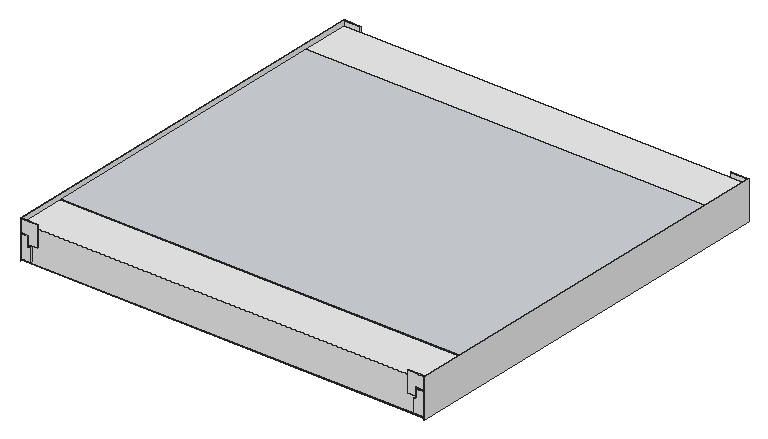
Revit family "AZURE", category Lighting Fixtures, host Ceiling, Revit 2023
Family settings
  Host = Ceiling
  Round Connector Dimension = Use Diameter
  Part Type = Normal
  OmniClass Number = 23.80.70.11.14.17
  OmniClass Title = Direct/Indirect
  Always vertical = Yes
  Cut with Voids When Loaded = No
  Light Source = Yes
  Maintain Annotation Orientation = No
  Shared = No
  Room Calculation Point = No
Parameters (values of type "AZR2X2-LED840K050LUNV-xxx")
  Width = 1' - 11 3/4"
  Wattage = 36.8213 W
  built-in parameter 1150110 = 1 (stored number, unit not read)
  Voltage = 120 V  # constant formula
  URL = "https://viscor.com/products/azr"
  built-in parameter 1114217 = 0.9 (stored number, unit not read)
  Tilt Angle = 90.00°
  built-in parameter 1150109 = 1 (stored number, unit not read)
  built-in parameter 1150134 = 12
  built-in parameter 1150113 = 1 (stored number, unit not read)
  Photometric Web File = "AZR2x2-LED-840K050LUNV-G007080.IES"
  Model = "AZURE"  # constant formula
  Manufacturer = "VISIONEERING by VISCOR"  # constant formula
  Lumens = 1524.4 lm
  built-in parameter 1150115 = 1 (stored number, unit not read)
  built-in parameter 1150105 = 121.31 (stored number, unit not read)
  built-in parameter 1150137 = (empty or 0)
  built-in parameter 1150139 = (empty or 0)
  Lens Finish = Polycarbonate - Viscor - Frosted Round
  Length = 1' - 11 3/4"
  Lamp Wattage = 36.77 VA
  built-in parameter 1150112 = 1 (stored number, unit not read)
  built-in parameter 1150114 = 1 (stored number, unit not read)
  Lamp = "LED"  # constant formula
  built-in parameter 1150132 = (empty or 0)
  built-in parameter 1150102 = (empty or 0)
  built-in parameter 1150138 = (empty or 0)
  built-in parameter 1150107 = 4000 (stored number, unit not read)
  built-in parameter 1150106 = 1.2131 (stored number, unit not read)
  Housing Finish = Metal - Viscor - White
  Height = 0' - 2"
  Emit from Rectangle Width = Width  # 1' - 11 3/4"
  Emit from Rectangle Length = Length  # 1' - 11 3/4"
  Emit Shape Visible in Rendering = no
  built-in parameter 1150104 = 3.8462 (stored number, unit not read)
  Dimming Lamp Color Temperature Shift = <None>
  Description = "LED Configurable Lay-in Backlit Panel Luminaire"  # constant formula
  Default Elevation = 0' - 0"
  Color Filter = 16777215
  built-in parameter 1114218 = 1 (stored number, unit not read)
  built-in parameter 1150133 = 10 (stored number, unit not read)
  Assembly Code = "D5020200"
  Apparent Load = Lamp Wattage  # 36.77 VA
Reference planes (in)
  plane 1 "Light Source Axis (F/B)": y = 0
  plane 2 "Ceiling": z = 96
  plane 3 "Light Source Axis (L/R)": x = 0
  plane 4 "Light Source Elevation": z = 96
  plane 5: y = 11.875
  plane 6: y = -11.875
  plane 7: x = -11.875
  plane 8: x = 11.875
  plane 9: x = -11.84375
  plane 10: x = 11.84375
  plane 11: x = -11.49875
  plane 12: x = 11.53
  plane 13: y = 11.53
  plane 14: y = -11.53
Forms (in)
  Extrusion 1, void
    sketch origin (0, 0, 94) x (0, 1, 0) y (-1, 0, 0)
      loop
        line (-11.53, 11.49875) -> (-11.53, -11.53) -> (11.53, -11.53) -> (11.53, 11.49875) -> (-11.53, 11.49875)
    from 1.85089 to 2.069
  Extrusion 2, solid, material "Metal - Viscor - White" <- "Housing Finish"
    sketch origin (0, 0, 0) x (0, 1, 0) y (0, 0, 1)
      loop
        line (11.811, 96.069) -> (11.811, 98.01) -> (-11.811, 98.01) -> (-11.811, 96.06846)
        arc (-11.811, 96.06846) -> (-11.79048, 96.02031) -> (-11.74223, 96) r 0.06972
        line (-11.74223, 96) -> (11.742, 96)
        arc (11.742, 96) -> (11.79079, 96.02021) -> (11.811, 96.069) r 0.069
    from -11.84375 to 11.84375
  Extrusion 3, solid, material "Metal - Viscor - White" <- "Housing Finish"
    sketch origin (0, 0, 0) x (1, 0, 0) y (0, 0, 1)
      loop
        line (-11.875, 98.25) -> (-11.875, 96) -> (-11.84375, 96) -> (-11.84375, 98.25) -> (-11.875, 98.25)
    from -11.875 to 11.875
  Extrusion 4, solid, material "Metal - Viscor - White" <- "Housing Finish"
    sketch origin (0, 0, 0) x (-1, 0, 0) y (0, 0, -1)
      loop
        line (-11.875, -98.25) -> (-11.84375, -98.25) -> (-11.84375, -96) -> (-11.875, -96) -> (-11.875, -98.25)
    from -11.875 to 11.875
  Extrusion 5, solid, material "Metal - Viscor - White" <- "Housing Finish"
    sketch origin (0, 0, 0) x (1, 0, 0) y (0, 0, 1)
      loop
        line (-10.875, 97.04) -> (-10.875, 98.25) -> (-11.84375, 98.25) -> (-11.84375, 96.12818) -> (-11.25, 96.12818) -> (-11.25, 96.915) -> (-11.412, 96.915) -> (-11.412, 97.468) -> (-11.83438, 97.468) -> (-11.83438, 97.53) -> (-11.35, 97.53) -> (-11.35, 97.04) -> (-10.875, 97.04)
    from 11.811 to 11.875
  Extrusion 6, solid, material "Metal - Viscor - White" <- "Housing Finish"
    sketch origin (0, 0, 0) x (1, 0, 0) y (0, 0, -1)
      loop
        line (-10.875, -97.04) -> (-11.35, -97.04) -> (-11.35, -97.53) -> (-11.83438, -97.53) -> (-11.83438, -97.468) -> (-11.412, -97.468) -> (-11.412, -96.915) -> (-11.25, -96.915) -> (-11.25, -96.12818) -> (-11.84375, -96.12818) -> (-11.84375, -98.25) -> (-10.875, -98.25) -> (-10.875, -97.04)
    from 11.811 to 11.875
  Extrusion 7, solid, material "Metal - Viscor - White" <- "Housing Finish"
    sketch origin (0, 0, 0) x (-1, 0, 0) y (0, 0, -1)
      loop
        line (-10.875, -97.04) -> (-11.35, -97.04) -> (-11.35, -97.53) -> (-11.83438, -97.53) -> (-11.83438, -97.468) -> (-11.412, -97.468) -> (-11.412, -96.915) -> (-11.25, -96.915) -> (-11.25, -96.12818) -> (-11.84375, -96.12818) -> (-11.84375, -98.25) -> (-10.875, -98.25) -> (-10.875, -97.04)
    from 11.811 to 11.875
  Extrusion 8, solid, material "Metal - Viscor - White" <- "Housing Finish"
    sketch origin (0, 0, 0) x (-1, 0, 0) y (0, 0, 1)
      loop
        line (-10.875, 97.04) -> (-10.875, 98.25) -> (-11.84375, 98.25) -> (-11.84375, 96.12818) -> (-11.25, 96.12818) -> (-11.25, 96.915) -> (-11.412, 96.915) -> (-11.412, 97.468) -> (-11.83438, 97.468) -> (-11.83438, 97.53) -> (-11.35, 97.53) -> (-11.35, 97.04) -> (-10.875, 97.04)
    from 11.811 to 11.875
  Extrusion 9, solid, material "Polycarbonate - Viscor - Frosted Round" <- "Lens Finish"
    sketch origin (0, 0, 0) x (0, 1, 0) y (0, 0, 1)
      loop
        line (11.75, 96.069) -> (11.75, 96.187) -> (-11.75, 96.187) -> (-11.75, 96.069) -> (11.75, 96.069)
    from -11.84375 to 11.84375
  Extrusion 10, solid
    sketch origin (0, 0, 0) x (0, 1, 0) y (0, 0, 1)
      loop
        line (11.51258, 96.187) -> (11.6875, 96.187) -> (11.6875, 96.21825) -> (11.50266, 96.21825) -> (9.00266, 98.01825) -> (-9.00266, 98.01825) -> (-11.50266, 96.21825) -> (-11.6875, 96.21825) -> (-11.6875, 96.187) -> (-11.51258, 96.187)
        arc (-11.51258, 96.187) -> (-11.49355, 96.18999) -> (-11.47635, 96.19868) r 0.062
        line (-11.47635, 96.19868) -> (-8.99258, 97.987) -> (8.99258, 97.987) -> (11.47635, 96.19868)
        arc (11.47635, 96.19868) -> (11.49355, 96.18999) -> (11.51258, 96.187) r 0.062
    from -11.84375 to 11.84375
Dimensions and locks (in)
  equal spacing: host sketch curve, plane 3 "Light Source Axis (L/R)", host sketch curve
  equal spacing: host sketch curve, plane 1 "Light Source Axis (F/B)", host sketch curve
  host sketch curve to host sketch curve = 10' - 0"  (x2)
  equal spacing: plane 7, plane 3 "Light Source Axis (L/R)", plane 8
  equal spacing: plane 5, plane 1 "Light Source Axis (F/B)", plane 6
  locked: plane 10 to plane 8 at 0.03125
  "Length": plane 7 to plane 8
  "Width": plane 5 to plane 6
  plane 7 to plane 9 = 0' - 0 1/32"
  plane 6 to plane 1 "Light Source Axis (F/B)" = 0' - 11 7/8"
  locked: plane 12 to plane 8 at 0.345
  locked: plane 5 to plane 13 at 0.345
  locked: plane 6 to plane 14 at 0.345
  plane 9 to plane 11 to Extrusion 1 = 0' - 0.345" locked, 1' - 11.02875"
  aligned and locked: plane 3 "Light Source Axis (L/R)" to imposter light
  aligned and locked: plane 1 "Light Source Axis (F/B)" to imposter light
  aligned and locked: plane 4 "Light Source Elevation" to imposter light
  aligned and locked: Extrusion 2 to plane 9
  aligned and locked: plane 10 to Extrusion 2
  aligned and locked: plane 5 to Extrusion 3
  aligned and locked: Extrusion 5 to plane 6
  aligned and locked: Extrusion 5 to Extrusion 2
  aligned and locked: plane 5 to Extrusion 6
  aligned and locked: Extrusion 6 to Extrusion 2
  aligned and locked: Extrusion 4 to plane 6
  aligned and locked: plane 5 to Extrusion 4
  aligned and locked: Extrusion 7 to plane 6
  aligned and locked: Extrusion 7 to Extrusion 2
  aligned and locked: plane 5 to Extrusion 8
  aligned and locked: Extrusion 8 to Extrusion 2
  aligned and locked: Extrusion 9 to plane 9
  aligned and locked: plane 10 to Extrusion 9
  aligned and locked: Extrusion 10 to plane 9
  aligned and locked: plane 10 to Extrusion 10
Automatic sketch dimensions
  Extrusion 1 sketch curve to plane 12 = 0' - 0"
  Extrusion 1 sketch curve to plane 14 = 0' - 0"
  Extrusion 1 sketch curve to plane 11 = 0' - 0"
  Extrusion 1 sketch curve to plane 13 = 0' - 0"
  Extrusion 2 sketch curve to plane 2 "Ceiling" = 0' - 0"
  plane 6 to Extrusion 2 sketch curve = 0' - 0.064"
  Extrusion 2 sketch curve to Extrusion 2 sketch curve = 0' - 0.06876"
  Extrusion 2 sketch curve to Extrusion 2 sketch curve = 0' - 0.00094"
  plane 2 "Ceiling" to Extrusion 2 sketch curve = 0' - 0.069"
  Extrusion 2 sketch curve to plane 5 = 0' - 0.133"
  plane 2 "Ceiling" to Extrusion 2 sketch curve = 0' - 0.06846"
  Extrusion 2 sketch curve to Extrusion 2 sketch curve = 0' - 1.941"
  Extrusion 3 sketch curve to plane 2 "Ceiling" = 0' - 0"
  Extrusion 3 sketch curve to plane 7 = 0' - 0"
  Extrusion 3 sketch curve to plane 9 = 0' - 0"
  plane 2 "Ceiling" to Extrusion 3 sketch curve = 0' - 2 1/4"
  Extrusion 4 sketch curve to plane 2 "Ceiling" = 0' - 0"
  Extrusion 4 sketch curve to plane 8 = 0' - 0"
  Extrusion 4 sketch curve to plane 10 = 0' - 0"
  plane 2 "Ceiling" to Extrusion 4 sketch curve = 0' - 2 1/4"
  Extrusion 5 sketch curve to plane 9 = 0' - 0"
  plane 9 to Extrusion 5 sketch curve = 0' - 0.00937"
  plane 11 to Extrusion 5 sketch curve = 0' - 0.08675"
  Extrusion 5 sketch curve to Extrusion 5 sketch curve = 0' - 0.062"  (x2)
  Extrusion 5 sketch curve to Extrusion 5 sketch curve = 0' - 0.1"
  Extrusion 5 sketch curve to Extrusion 5 sketch curve = 0' - 0 3/8"
  plane 2 "Ceiling" to Extrusion 5 sketch curve = 0' - 0.12818"
  Extrusion 5 sketch curve to Extrusion 5 sketch curve = 0' - 0.78682"
  Extrusion 5 sketch curve to Extrusion 5 sketch curve = 0' - 0 1/8"
  Extrusion 5 sketch curve to Extrusion 5 sketch curve = 0' - 0.428"
  Extrusion 5 sketch curve to Extrusion 5 sketch curve = 0' - 0.72"
  Extrusion 6 sketch curve to plane 9 = 0' - 0"
  plane 9 to Extrusion 6 sketch curve = 0' - 0.00937"
  plane 11 to Extrusion 6 sketch curve = 0' - 0.08675"
  Extrusion 6 sketch curve to Extrusion 6 sketch curve = 0' - 0.062"  (x2)
  Extrusion 6 sketch curve to Extrusion 6 sketch curve = 0' - 0.1"
  Extrusion 6 sketch curve to Extrusion 6 sketch curve = 0' - 0 3/8"
  plane 2 "Ceiling" to Extrusion 6 sketch curve = 0' - 2 1/4"
  Extrusion 6 sketch curve to Extrusion 6 sketch curve = 0' - 0.72"
  Extrusion 6 sketch curve to Extrusion 6 sketch curve = 0' - 0.49"
  Extrusion 6 sketch curve to Extrusion 6 sketch curve = 0' - 0 1/8"
  plane 2 "Ceiling" to Extrusion 6 sketch curve = 0' - 0.12818"
  Extrusion 7 sketch curve to plane 10 = 0' - 0"
  Extrusion 7 sketch curve to plane 10 = 0' - 0.00937"
  Extrusion 7 sketch curve to plane 12 = 0' - 0.118"
  Extrusion 7 sketch curve to Extrusion 7 sketch curve = 0' - 0.062"  (x2)
  Extrusion 7 sketch curve to Extrusion 7 sketch curve = 0' - 0.1"
  Extrusion 7 sketch curve to Extrusion 7 sketch curve = 0' - 0 3/8"
  plane 2 "Ceiling" to Extrusion 7 sketch curve = 0' - 2 1/4"
  Extrusion 7 sketch curve to Extrusion 7 sketch curve = 0' - 0.72"
  Extrusion 7 sketch curve to Extrusion 7 sketch curve = 0' - 0.49"
  Extrusion 7 sketch curve to Extrusion 7 sketch curve = 0' - 0 1/8"
  plane 2 "Ceiling" to Extrusion 7 sketch curve = 0' - 0.12818"
  Extrusion 8 sketch curve to plane 10 = 0' - 0"
  Extrusion 8 sketch curve to plane 10 = 0' - 0.00937"
  Extrusion 8 sketch curve to plane 12 = 0' - 0.118"
  Extrusion 8 sketch curve to Extrusion 8 sketch curve = 0' - 0.062"  (x2)
  Extrusion 8 sketch curve to Extrusion 8 sketch curve = 0' - 0.1"
  Extrusion 8 sketch curve to Extrusion 8 sketch curve = 0' - 0 3/8"
  plane 2 "Ceiling" to Extrusion 8 sketch curve = 0' - 0.12818"
  Extrusion 8 sketch curve to Extrusion 8 sketch curve = 0' - 0.78682"
  Extrusion 8 sketch curve to Extrusion 8 sketch curve = 0' - 0 1/8"
  Extrusion 8 sketch curve to Extrusion 8 sketch curve = 0' - 0.428"
  Extrusion 8 sketch curve to Extrusion 8 sketch curve = 0' - 0.72"
  plane 6 to Extrusion 9 sketch curve = 0' - 0 1/8"
  Extrusion 9 sketch curve to plane 5 = 0' - 0 1/8"
  plane 2 "Ceiling" to Extrusion 9 sketch curve = 0' - 0.069"
  Extrusion 9 sketch curve to Extrusion 9 sketch curve = 0' - 0.118"
  Extrusion 10 sketch curve to plane 14 = 0' - 0.1575"
  plane 14 to Extrusion 10 sketch curve = 0' - 0.01742"
  plane 14 to Extrusion 10 sketch curve = 0' - 0 7/256"
  Extrusion 10 sketch curve to Extrusion 10 sketch curve = 0' - 0.02631"  (x2)
  plane 14 to Extrusion 10 sketch curve = 0' - 2 135/256"
  Extrusion 10 sketch curve to Extrusion 10 sketch curve = 0' - 0.01008"  (x2)
  Extrusion 10 sketch curve to plane 13 = 0' - 2.53742"
  Extrusion 10 sketch curve to plane 13 = 0' - 0 7/256"
  Extrusion 10 sketch curve to plane 13 = 0' - 0.01742"
  plane 2 "Ceiling" to Extrusion 10 sketch curve = 0' - 0.187"  (x2)
  Extrusion 10 sketch curve to Extrusion 10 sketch curve = 0' - 0.01168"  (x2)
  Extrusion 10 sketch curve to Extrusion 10 sketch curve = 0' - 0 1/32"  (x2)
  Extrusion 10 sketch curve to Extrusion 10 sketch curve = 0' - 0.03075"
  plane 2 "Ceiling" to Extrusion 10 sketch curve = 0' - 1.987"
  plane 13 to Extrusion 10 sketch curve = 0' - 0.1575"
Connectors (in)
  electrical at (0, 0, 96), driven by "Voltage", driven by "Lamp Wattage"
    settings: index 2, voltage 120 V, apparent load 0 VA, apparent load phase1 36.77 VA, apparent load phase2 0 VA, apparent load phase3 0 VA, power factor 1, load classification "Other", number of poles 1, system type 31, power factor state 1, is connector primary yes, connector utility no, sub classification motor no, connector description ""
